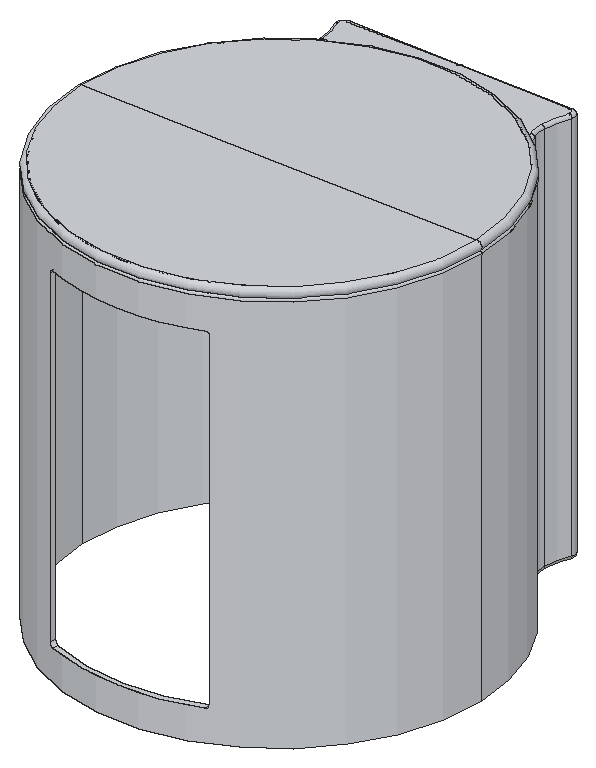
Revit family "Accessory-Tissue_Holder-KOHLER-TOOBI-K-15466T_1", category Specialty Equipment, host Face, Revit 2017
Family settings
  Host = Face
  Round Connector Dimension = Use Diameter
  Part Type = Normal
  OmniClass Number = 23.31.25.00
  Cut with Voids When Loaded = No
  Shared = No
  Room Calculation Point = No
Parameters (values of type "CP-Polished Chrome")
  Width = 5"  # constant formula
  WaterSense Certified = 1 = 0  # no
  URL = "http://www.kohler.com.cn/"
  Type = 1
  Product Page URL = "https://www.kohler.com.cn/product/K-15466T-CP/K-15466T-CP/"
  Product Name = "TOOBI"  # constant formula
  Product Documentation Link = "https://files.kohler.com.cn/pdfs/inst_15466t.pdf"
  Model = if(Type = 1, "K-15466T-CP", "NA")  # "K-15466T-CP"
  Material = "Solid Metal Construction"  # constant formula
  Master Format 2014 Name = "Toilet, Bath, and Laundry Accessories"  # constant formula
  Master Format 2014 = "10 28 00"  # constant formula
  Manufacturer Address = "Kohler Beijing Office (100016) 36-2-03-B, No. 88, Liuxiang Road, Beijing"  # constant formula
  Manufacturer = "KOHLER Co."  # constant formula
  Length = 5 5/64"  # constant formula
  Height = 5 19/64"  # constant formula
  Finish = Kohler-Metal-CP-Polished_Chrome
  Environmental Product Declaration = ""
  Description = "Tissue Tube (with tray)"  # constant formula
  Default Elevation = 42"
  Declare Label = ""
  Date Modified = "09/09/2020"  # constant formula
  Date Created = "09/09/2020"  # constant formula
  Copyright = "Copyright KOHLER Co."  # constant formula
  Contact Us = "http://www.kohler.com.cn/contact/contact-us/"
  Assembly Code = "C1030200"
  ADA Compliant = 1 = 0  # no
Reference planes (in)
  plane 1 "Center (Front/Back)": y = 0
  plane 2: z = 0
  plane 3 "Center (Left/Right)": x = 0
  plane 4: x = -2.5
  plane 5: x = 2.5
  plane 6: y = 2.79646
  plane 7: x = -1.45669
  plane 8: x = 1.45669
  plane 9: y = -2.50042
  plane 10: z = 5.07812
  plane 11: y = 2.05923
Dimensions and locks (in)
  "Height": plane 9 to plane 6
  "Length": level to plane 10
  "Width": plane 4 to plane 5
  locked: plane 7 to plane 8 at 2.91339
  aligned and locked: plane 2 to host face
  aligned and locked: level to host face
Automatic sketch dimensions
  host sketch curve to host sketch curve = 96"  (x2)
Nested families (in)
  nested 1: "K-15466T" at (0, 0, 0), type "K-15466T"
Definition of nested family "K-15466T"
  Parameters (values of type "K-15466T")
    Material = none
  Reference planes (in)
    plane 1 "Center (Front/Back)": y = 0
    plane 2: z = 0
    plane 3 "Center (Left/Right)": x = 0
    plane 4: x = -2.5
    plane 5: x = 2.5
    plane 6: z = 5.07874
    plane 7: y = 2.79646
    plane 8: y = -2.49882
    plane 9: x = -1.45669
    plane 10: x = 1.45669
  Forms (in)
    Revolve 1, solid, material <- "Material", detail levels medium+fine
      sketch origin (0, 0, 0) x (1, 0, 0) y (0, 0, 1)
        loop
          line (0, 5.07874) -> (-2.44017, 5.07874)
          arc (-2.44017, 5.07874) -> (-2.5, 5.01891) -> (-2.44017, 4.95909) r 0.05983
          line (-2.44017, 4.95909) -> (0, 4.95909) -> (0, 5.07874)
        axis (0, 4.95909) -> (0, 5.07874)
      angle from 0 to 360
    Sweep 2, solid, material <- "Material", detail levels medium+fine
      path origin (0, 0, 0) x (1, 0, 0) y (0, 1, 0)
        loop
          circle (0, 0) r 2.43701
      profile origin (0, 2.43701, 0) x (0, -1, 0) y (0, 0, 1)
        loop
          line (0.00118, 4.97528) -> (-0.03044, 4.97528)
          arc (-0.03044, 4.97528) -> (-0.05346, 4.96575) -> (-0.06299, 4.94273) r 0.03255
          line (-0.06299, 4.94273) -> (-0.06299, 0) -> (0.00118, 0) -> (0.00118, 4.97528)
    Extrusion 3, void
      sketch origin (0, 0, 0) x (1, 0, 0) y (0, 0, 1)
        loop
          line (0.93537, 4.56693) -> (-0.93742, 4.56693)
          arc (-0.93742, 4.56693) -> (-0.97054, 4.55321) -> (-0.98425, 4.5201) r 0.04683
          line (-0.98425, 4.5201) -> (-0.98425, 0.44172)
          arc (-0.98425, 0.44172) -> (-0.97019, 0.40776) -> (-0.93624, 0.3937) r 0.04802
          line (-0.93624, 0.3937) -> (0.93814, 0.3937)
          arc (0.93814, 0.3937) -> (0.97075, 0.40721) -> (0.98425, 0.43981) r 0.04611
          line (0.98425, 0.43981) -> (0.98425, 4.51805)
          arc (0.98425, 4.51805) -> (0.96993, 4.55261) -> (0.93537, 4.56693) r 0.04888
      from 1.25155 to 4.22777
    Sweep 4, solid, material <- "Material", detail levels medium+fine
      path origin (0.00363, 0, 0) x (1, 0, 0) y (0, 1, 0)
        loop
          line (1.39621, 1.98948) -> (1.39621, 2.05023)
          arc (1.39621, 2.05023) -> (1.39107, 2.09654) -> (1.37589, 2.14059) r 0.21111
          arc (1.37589, 2.14059) -> (1.34097, 2.24619) -> (1.33279, 2.35712) r 0.45369
          arc (1.33279, 2.35712) -> (1.35694, 2.53353) -> (1.4112, 2.70312) r 1.02699
          arc (1.4112, 2.70312) -> (1.4077, 2.73972) -> (1.37529, 2.75709) r 0.03893
          line (1.37529, 2.75709) -> (-0.00363, 2.75709) -> (-1.38256, 2.75709)
          arc (-1.38256, 2.75709) -> (-1.41497, 2.73972) -> (-1.41847, 2.70312) r 0.03893
          arc (-1.41847, 2.70312) -> (-1.36421, 2.53353) -> (-1.34006, 2.35712) r 1.02699
          arc (-1.34006, 2.35712) -> (-1.34824, 2.24619) -> (-1.38316, 2.14059) r 0.45369
          arc (-1.38316, 2.14059) -> (-1.39834, 2.09654) -> (-1.40348, 2.05023) r 0.21111
          line (-1.40348, 2.05023) -> (-1.40348, 1.98948)
      profile origin (-0.68946, 2.75709, 0) x (0, -1, 0) y (0, 0, 1)
        loop
          arc (-0.01465, 4.94103) -> (-0.04261, 4.92945) -> (-0.0542, 4.90149) r 0.03954
          line (-0.0542, 4.90149) -> (-0.0542, 0.05914)
          arc (-0.0542, 0.05914) -> (-0.04261, 0.03118) -> (-0.01465, 0.0196) r 0.03954
          line (-0.01465, 0.0196) -> (0.01871, 0.0196) -> (0.01871, 4.94103) -> (-0.01465, 4.94103)
    Extrusion 5, solid, material <- "Material", detail levels medium+fine
      sketch origin (0, 0, 0) x (1, 0, 0) y (0, 1, 0)
        loop
          arc (1.39758, 2.71035) -> (1.39576, 2.72936) -> (1.37892, 2.73838) r 0.02022
          line (1.37892, 2.73838) -> (-1.37892, 2.73838)
          arc (-1.37892, 2.73838) -> (-1.39576, 2.72936) -> (-1.39758, 2.71035) r 0.02022
          arc (-1.39758, 2.71035) -> (-1.34233, 2.53767) -> (-1.31774, 2.35804) r 1.0457
          arc (-1.31774, 2.35804) -> (-1.32625, 2.24254) -> (-1.36262, 2.13258) r 0.4724
          arc (-1.36262, 2.13258) -> (-1.37645, 2.09244) -> (-1.38113, 2.05023) r 0.1924
          line (-1.38113, 2.05023) -> (-1.38113, 1.98948) -> (1.38113, 1.98948) -> (1.38113, 2.05023)
          arc (1.38113, 2.05023) -> (1.37645, 2.09244) -> (1.36262, 2.13258) r 0.1924
          arc (1.36262, 2.13258) -> (1.32625, 2.24254) -> (1.31774, 2.35804) r 0.4724
          arc (1.31774, 2.35804) -> (1.34233, 2.53767) -> (1.39758, 2.71035) r 1.0457
      from 0.0196 to 4.94103
    Extrusion 6, solid, material <- "Material", detail levels coarse
      sketch origin (0, 0, 0) x (1, 0, 0) y (0, 1, 0)
        loop
          circle (0, 0) r 2.5
      from 0 to 5.07874
    Extrusion 7, void
      sketch origin (0, 0, 0) x (1, 0, 0) y (0, 1, 0)
        loop
          circle (0, 0) r 2.41098
      from -0.28266 to 5.00037
    Extrusion 8, void
      sketch origin (0, 0, 0) x (1, 0, 0) y (0, 0, 1)
        loop
          line (0.98425, 0.3937) -> (0.98425, 4.56693) -> (-0.98425, 4.56693) -> (-0.98425, 0.3937) -> (0.98425, 0.3937)
      from 1.45567 to 3.87741
    Extrusion 9, solid, material <- "Material", detail levels coarse
      sketch origin (0, 0, 0) x (1, 0, 0) y (0, 1, 0)
        loop
          line (1.45669, 2.79646) -> (-1.45669, 2.79646) -> (-1.45669, 2.03176) -> (1.45669, 2.03176) -> (1.45669, 2.79646)
      from 0.0196 to 4.94103
  Cuts and joins
    Extrusion 3 cuts Sweep 2
    joined: Revolve 1, Sweep 4, Extrusion 5
    Extrusion 7, Extrusion 8 cuts Extrusion 6
    joined: Extrusion 6, Extrusion 9
  Lines and regions (in)
    Masking region 1
      outline origin (0, 0, 0) x (1, 0, 0) y (0, 0, 1)
        loop
          line (0, 5.07874) -> (-2.44502, 5.07874)
          arc (-2.44502, 5.07874) -> (-2.50026, 5.03677) -> (-2.47464, 4.9723) r 0.05734
          arc (-2.47464, 4.9723) -> (-2.49257, 4.96487) -> (-2.5, 4.94694) r 0.02536
          line (-2.5, 4.94694) -> (-2.5, 0) -> (0, 0) -> (2.5, 0) -> (2.5, 4.94694)
          arc (2.5, 4.94694) -> (2.49257, 4.96487) -> (2.47464, 4.9723) r 0.02536
          arc (2.47464, 4.9723) -> (2.50026, 5.03677) -> (2.44502, 5.07874) r 0.05734
          line (2.44502, 5.07874) -> (0, 5.07874)
    Masking region 2
      outline origin (0, 0, 0) x (1, 0, 0) y (0, 1, 0)
        loop
          arc (-1.43369, 2.04806) -> (-2.38434, -0.75162) -> (0, -2.5) r 2.5
          arc (0, -2.5) -> (2.38434, -0.75162) -> (1.43369, 2.04806) r 2.5
          arc (1.43369, 2.04806) -> (1.43142, 2.10389) -> (1.41446, 2.15713) r 0.20932
          arc (1.41446, 2.15713) -> (1.38251, 2.25374) -> (1.37502, 2.35521) r 0.41505
          arc (1.37502, 2.35521) -> (1.39799, 2.52379) -> (1.44954, 2.68593) r 0.98834
          arc (1.44954, 2.68593) -> (1.44227, 2.76043) -> (1.37627, 2.79573) r 0.07935
          line (1.37627, 2.79573) -> (0, 2.79573) -> (-1.37627, 2.79573)
          arc (-1.37627, 2.79573) -> (-1.44227, 2.76043) -> (-1.44954, 2.68593) r 0.07935
          arc (-1.44954, 2.68593) -> (-1.39799, 2.52379) -> (-1.37502, 2.35521) r 0.98834
          arc (-1.37502, 2.35521) -> (-1.38251, 2.25374) -> (-1.41446, 2.15713) r 0.41505
          arc (-1.41446, 2.15713) -> (-1.43142, 2.10389) -> (-1.43369, 2.04806) r 0.20932
    Masking region 3
      outline origin (0, 0, 0) x (0, 1, 0) y (0, 0, 1)
        loop
          arc (-2.44103, 5.07874) -> (-2.49613, 5.03858) -> (-2.47478, 4.97383) r 0.05788
          arc (-2.47478, 4.97383) -> (-2.4917, 4.96754) -> (-2.49882, 4.95094) r 0.02292
          line (-2.49882, 4.95094) -> (-2.49882, 4.56671) -> (-2.31842, 4.56671)
          arc (-2.31842, 4.56671) -> (-2.303, 4.5539) -> (-2.29722, 4.5347) r 0.03478
          line (-2.29722, 4.5347) -> (-2.29722, 0.42985)
          arc (-2.29722, 0.42985) -> (-2.30321, 0.40921) -> (-2.31809, 0.3937) r 0.045
          line (-2.31809, 0.3937) -> (-2.49882, 0.3937) -> (-2.49882, 0) -> (2.48538, 0) -> (2.50976, 0.02046) -> (2.75965, 0.02046)
          arc (2.75965, 0.02046) -> (2.78568, 0.03124) -> (2.79646, 0.05727) r 0.03681
          line (2.79646, 0.05727) -> (2.79646, 4.89741)
          arc (2.79646, 4.89741) -> (2.78368, 4.92825) -> (2.75284, 4.94103) r 0.04362
          line (2.75284, 4.94103) -> (2.5002, 4.94103)
          arc (2.5002, 4.94103) -> (2.4942, 4.96086) -> (2.477, 4.97242) r 0.03086
          arc (2.477, 4.97242) -> (2.49795, 5.03825) -> (2.44198, 5.07874) r 0.05893
          line (2.44198, 5.07874) -> (-2.44103, 5.07874)
    symbolic lines, detail levels medium+fine
      curve 1: line (-2.47464, 0, 4.9723) -> (2.47464, 0, 4.9723)
      curve 2: line (1.41715, 0, 0.0196) -> (1.43692, 0, 0.0249)
      curve 3: arc (1.41715, 0, 0.0196) -> (1.44511, 0, 0.03118) -> (1.45669, 0, 0.05914) r 0.03954
      curve 4: line (1.45669, 0, 0.05914) -> (1.45669, 0, 4.90149)
      curve 5: line (0, 0, 0.0196) -> (1.41715, 0, 0.0196)
      curve 6: arc (1.45669, 0, 4.90149) -> (1.44511, 0, 4.92945) -> (1.41715, 0, 4.94103) r 0.03954
      curve 7: line (1.41715, 0, 4.94103) -> (0, 0, 4.94103)
      curve 8: arc (-1.41715, 0, 0.0196) -> (-1.44511, 0, 0.03118) -> (-1.45669, 0, 0.05914) r 0.03954
      curve 9: line (-1.45669, 0, 0.05914) -> (-1.45669, 0, 4.90149)
      curve 10: line (0, 0, 0.0196) -> (-1.41715, 0, 0.0196)
      curve 11: arc (-1.45669, 0, 4.90149) -> (-1.44511, 0, 4.92945) -> (-1.41715, 0, 4.94103) r 0.03954
      curve 12: line (-1.41715, 0, 4.94103) -> (0, 0, 4.94103)
      curve 13: circle (0, 0, 0) r 2.43583 normal (0, 0, 1)
      curve 14: line (1.35962, 2.72487, 0) -> (-1.35962, 2.72487, 0)
      curve 15: arc (-1.37791, 2.69791, 0) -> (-1.32709, 2.53134, 0) -> (-1.30424, 2.3587, 0) r 1.05921
      curve 16: arc (-1.30424, 2.3587, 0) -> (-1.31721, 2.22079, 0) -> (-1.36857, 2.09213, 0) r 0.48591
      curve 17: arc (1.30424, 2.3587, 0) -> (1.32709, 2.53134, 0) -> (1.37791, 2.69791, 0) r 1.05921
      curve 18: arc (1.36857, 2.09213, 0) -> (1.31721, 2.22079, 0) -> (1.30424, 2.3587, 0) r 0.48591
      curve 19: arc (1.4282, 2.05189, 0) -> (-0.00229, 2.5, 0) -> (-1.43196, 2.04926, 0) r 2.5
      curve 20: arc (-1.35962, 2.72487, 0) -> (-1.37591, 2.71623, 0) -> (-1.37791, 2.69791, 0) r 0.01969
      curve 21: arc (1.37791, 2.69791, 0) -> (1.37591, 2.71623, 0) -> (1.35962, 2.72487, 0) r 0.01969
      curve 22: line (0, 2.477, 4.97242) -> (0, -2.48389, 4.97242)
      curve 23: line (0, 2.72487, 4.94103) -> (0, 2.72487, 0.0196)
      curve 24: line (0, 2.50976, 0.02046) -> (0, 2.05923, 0.02046)
      curve 25: line (0, 2.05923, 0.02046) -> (0, 2.05923, 4.94103)
      curve 26: line (0, 2.05923, 4.94103) -> (0, 2.5002, 4.94103)
      curve 27: line (0, 2.79646, 0.05727) -> (0, 2.05923, 0.05727)
      curve 28: line (0, 2.79646, 4.89741) -> (0, 2.05923, 4.89741)
      curve 29: line (0, 2.46809, 4.94103) -> (0, 2.46809, 0.02046)
  Dimensions and locks (in)
    equal spacing: plane 5, plane 3 "Center (Left/Right)", plane 4
    plane 7 to plane 8 = 5.29528"
    plane 4 to plane 5 = 5"
    aligned and locked: plane 2 to level
  Automatic sketch dimensions
    Revolve 1 sketch curve to plane 6 = 0"  (x2)
    Revolve 1 sketch curve to plane 3 "Center (Left/Right)" = 0"  (x2)
    plane 4 to Revolve 1 sketch curve = 0.05983"
    Revolve 1 sketch curve to plane 6 = 0.05983"
    Revolve 1 sketch curve to Revolve 1 sketch curve = 0"
    plane 1 "Center (Front/Back)" to Sweep 2 sketch curve = 0"
    Sweep 2 sketch curve to plane 3 "Center (Left/Right)" = 0"
    Sweep 2 sketch curve to level = 0"
    profile plane to Sweep 2 sketch curve = 0.06299"
    profile plane to Sweep 2 sketch curve = 0.03044"
    Sweep 2 sketch curve to profile plane = 0.00118"
    level to Sweep 2 sketch curve = 4.94273"
    plane 9 to Extrusion 3 sketch curve = 0.47244"
    Extrusion 3 sketch curve to Extrusion 3 sketch curve = 0.04683"
    Extrusion 3 sketch curve to Extrusion 3 sketch curve = 0.04802"
    plane 10 to Extrusion 3 sketch curve = 0.52132"
    plane 10 to Extrusion 3 sketch curve = 0.51855"
    Extrusion 3 sketch curve to Extrusion 3 sketch curve = 0.04888"
    level to Extrusion 3 sketch curve = 0.3937"
    Extrusion 3 sketch curve to plane 6 = 0.56069"
    Masking region 1 sketch curve to level = 0"
    Masking region 1 sketch curve to plane 4 = 0"
    Masking region 1 sketch curve to plane 6 = 0"
    Masking region 1 sketch curve to plane 3 "Center (Left/Right)" = 0"  (x2)
    plane 5 to Masking region 1 sketch curve = 0"
    Masking region 1 sketch curve to Masking region 1 sketch curve = 0.02536"  (x2)
    plane 4 to Masking region 1 sketch curve = 0.05498"
    plane 5 to Masking region 1 sketch curve = 0.05498"
    Masking region 1 sketch curve to plane 6 = 0.1318"  (x2)
    curve 9 to plane 9 = 0"
    curve 10 to plane 3 "Center (Left/Right)" = 0"
    curve 7 to plane 3 "Center (Left/Right)" = 0"
    plane 10 to curve 4 = 0"
    curve 8 to curve 8 = 0.03954"
    plane 9 to curve 12 = 0.03954"
    level to curve 2 = 0.0196"
    plane 10 to curve 2 = 0.03954"
    curve 6 to curve 4 = 0.03954"
    curve 9 to plane 6 = 0.17725"
    plane 4 to curve 1 = 0.02536"
    plane 10 to curve 2 = 0.01977"
    plane 5 to curve 1 = 0.02536"
    curve 1 to plane 6 = 0.10644"
    Sweep 4 sketch curve to plane 3 "Center (Left/Right)" = 0"
    plane 9 to Sweep 4 sketch curve = 0.26796"
    Sweep 4 sketch curve to plane 7 = 0.03937"
    plane 9 to Sweep 4 sketch curve = 0.07777"
    plane 9 to Sweep 4 sketch curve = 0.05685"
    Sweep 4 sketch curve to plane 9 = 0.33287"
    plane 4 to Sweep 4 sketch curve = 0.13784"
    plane 10 to Sweep 4 sketch curve = 0.26796"
    plane 10 to Sweep 4 sketch curve = 0.07777"
    plane 10 to Sweep 4 sketch curve = 0.05685"
    Sweep 4 sketch curve to plane 10 = 0.33287"
    plane 5 to Sweep 4 sketch curve = 0.13784"
    Sweep 4 sketch curve to Sweep 4 sketch curve = 0.03893"  (x2)
    Sweep 4 sketch curve to plane 7 = 0.46168"  (x2)
    Sweep 4 sketch curve to plane 7 = 0.48991"  (x2)
    Sweep 4 sketch curve to Sweep 4 sketch curve = 0.28454"  (x2)
    plane 9 to Sweep 4 sketch curve = 0.12027"
    Sweep 4 sketch curve to Sweep 4 sketch curve = 0"  (x2)
    plane 10 to Sweep 4 sketch curve = 0.12027"
    Sweep 4 sketch curve to Sweep 4 sketch curve = 0.06076"  (x2)
    Masking region 2 sketch curve to Masking region 2 sketch curve = 0"  (x6)
    Masking region 2 sketch curve to plane 3 "Center (Left/Right)" = 0"  (x2)
    plane 1 "Center (Front/Back)" to Masking region 2 sketch curve = 0"
    plane 9 to Masking region 2 sketch curve = 0.23141"
    Masking region 2 sketch curve to plane 7 = 0.00072"
    plane 9 to Masking region 2 sketch curve = 0.08042"
    Masking region 2 sketch curve to plane 9 = 0.33287"
    plane 4 to Masking region 2 sketch curve = 0.13784"
    plane 10 to Masking region 2 sketch curve = 0.23141"
    plane 10 to Masking region 2 sketch curve = 0.08042"
    Masking region 2 sketch curve to plane 10 = 0.33287"
    plane 5 to Masking region 2 sketch curve = 0.13784"
    Masking region 2 sketch curve to plane 7 = 0.72891"  (x2)
    Masking region 2 sketch curve to plane 7 = 0.48991"  (x2)
    Masking region 2 sketch curve to plane 7 = 0.46168"  (x2)
    Masking region 2 sketch curve to Masking region 2 sketch curve = 0.07935"  (x2)
    plane 9 to Masking region 2 sketch curve = 0.08167"
    plane 9 to Masking region 2 sketch curve = 0.023"
    plane 10 to Masking region 2 sketch curve = 0.08167"
    curve 13 to curve 19 = 0"  (x2)
    plane 1 "Center (Front/Back)" to curve 19 = 0"
    curve 19 to plane 3 "Center (Left/Right)" = 0"
    plane 9 to curve 14 = 0.09707"
    curve 16 to plane 9 = 0.33287"
    plane 4 to curve 15 = 0.13784"
    plane 10 to curve 14 = 0.09707"
    curve 18 to plane 10 = 0.33287"
    plane 5 to curve 17 = 0.13784"
    curve 15 to plane 7 = 0.48991"
    curve 17 to plane 7 = 0.48991"
    curve 18 to plane 7 = 0.46168"
    curve 16 to plane 7 = 0.46168"
    curve 21 to plane 7 = 0.09128"
    curve 20 to plane 7 = 0.09128"
    curve 21 to curve 14 = 0.01969"
    plane 9 to curve 16 = 0.15245"
    curve 15 to curve 16 = 0"
    plane 9 to curve 16 = 0.08812"
    plane 9 to curve 19 = 0.02473"
    curve 18 to curve 21 = 0.07367"
    curve 17 to curve 18 = 0"
    plane 10 to curve 19 = 0.02849"
    Masking region 3 sketch curve to level = 0"
    Masking region 3 sketch curve to plane 6 = 0"
    Masking region 3 sketch curve to plane 7 = 0"
    Masking region 3 sketch curve to plane 7 = 0.03681"
    Masking region 3 sketch curve to plane 7 = 0.04362"
    level to Masking region 3 sketch curve = 0.02046"
    Masking region 3 sketch curve to Masking region 3 sketch curve = 0.24988"
    Masking region 3 sketch curve to Masking region 3 sketch curve = 0.25263"
    Masking region 3 sketch curve to Masking region 3 sketch curve = 0.02438"
    Masking region 3 sketch curve to Masking region 3 sketch curve = 0.03082"
    Masking region 3 sketch curve to Masking region 3 sketch curve = 0.0274"
    plane 8 to Masking region 3 sketch curve = 0.2016"
    Masking region 3 sketch curve to Masking region 3 sketch curve = 0.02087"
    Masking region 3 sketch curve to Masking region 3 sketch curve = 0.0212"
    Masking region 3 sketch curve to Masking region 3 sketch curve = 0.03478"
    Masking region 3 sketch curve to Masking region 3 sketch curve = 0.02409"
    plane 8 to Masking region 3 sketch curve = 0.05779"
    plane 8 to Masking region 3 sketch curve = 0.02292"
    Masking region 3 sketch curve to plane 8 = 0"  (x2)
    level to Masking region 3 sketch curve = 0.3937"
    Masking region 3 sketch curve to Masking region 3 sketch curve = 0.03615"
    Masking region 3 sketch curve to plane 6 = 0.54405"
    Masking region 3 sketch curve to plane 6 = 0.18133"
    Masking region 3 sketch curve to Masking region 3 sketch curve = 0.00149"
    Masking region 3 sketch curve to plane 6 = 0.05893"
    Masking region 3 sketch curve to plane 6 = 0.05788"
    Masking region 3 sketch curve to Masking region 3 sketch curve = 0.00112"
    Extrusion 6 sketch curve to Extrusion 6 sketch curve = 0"  (x2)
    plane 1 "Center (Front/Back)" to Extrusion 6 sketch curve = 0"
    Extrusion 6 sketch curve to plane 4 = 0"
    Extrusion 6 sketch curve to plane 3 "Center (Left/Right)" = 0"
    Extrusion 7 sketch curve to plane 3 "Center (Left/Right)" = 0"
    plane 1 "Center (Front/Back)" to Extrusion 7 sketch curve = 0"
    plane 10 to Extrusion 8 sketch curve = 0.47244"
    Extrusion 8 sketch curve to plane 6 = 0.51181"
    plane 9 to Extrusion 8 sketch curve = 0.47244"
    level to Extrusion 8 sketch curve = 0.3937"
    Extrusion 9 sketch curve to plane 9 = 0"
    Extrusion 9 sketch curve to plane 10 = 0"
    Extrusion 9 sketch curve to plane 7 = 0"
    Extrusion 9 sketch curve to plane 7 = 0.7647"
    curve 28 to plane 7 = 0"
    curve 27 to plane 7 = 0"
    level to curve 24 = 0.02046"
    curve 24 to plane 7 = 0.28669"
    curve 24 to curve 24 = 0.45053"
    curve 26 to plane 6 = 0.13771"
    curve 23 to plane 7 = 0.07159"
    plane 8 to curve 22 = 0.01493"
    level to curve 23 = 0.0196"
    curve 24 to curve 27 = 0.03681"
    curve 28 to plane 6 = 0.18133"
    curve 28 to curve 23 = 0.04362"
    curve 29 to curve 22 = 0.00892"
    curve 29 to curve 22 = 0.03139"
    curve 29 to curve 26 = 0.03212"
    curve 29 to curve 26 = 0"
    curve 29 to curve 23 = 0.25678"
    level to curve 29 = 0.02046"
    profile plane to Sweep 4 sketch curve = 0.0542"
    profile plane to Sweep 4 sketch curve = 0.01465"  (x2)
    Sweep 4 sketch curve to Sweep 4 sketch curve = 4.84234"
    Sweep 4 sketch curve to Sweep 4 sketch curve = 0.03336"
    level to Sweep 4 sketch curve = 0.0196"
    plane 9 to Extrusion 5 sketch curve = 0.07777"
    Extrusion 5 sketch curve to plane 9 = 0.33287"
    plane 4 to Extrusion 5 sketch curve = 0.13784"
    Extrusion 5 sketch curve to plane 10 = 0.33287"
    plane 5 to Extrusion 5 sketch curve = 0.13784"
    Extrusion 5 sketch curve to Extrusion 5 sketch curve = 0.06076"  (x2)
    Extrusion 5 sketch curve to plane 7 = 0.46168"  (x2)
    Extrusion 5 sketch curve to plane 7 = 0.0783"  (x2)
    plane 9 to Extrusion 5 sketch curve = 0.13896"
    Extrusion 5 sketch curve to Extrusion 5 sketch curve = 0"  (x2)
    plane 10 to Extrusion 5 sketch curve = 0.13896"
    plane 10 to Extrusion 5 sketch curve = 0.07556"
    plane 9 to Extrusion 5 sketch curve = 0.07556"
    Extrusion 5 sketch curve to Extrusion 5 sketch curve = 0.1924"  (x2)
    plane 10 to Extrusion 5 sketch curve = 0.07777"
    Extrusion 5 sketch curve to plane 7 = 0.48991"  (x2)
    Extrusion 5 sketch curve to Extrusion 5 sketch curve = 0.3078"
    Extrusion 5 sketch curve to Extrusion 5 sketch curve = 0.02022"
    radius of Sweep 2 sketch curve = 2.43701"
    radius of curve 13 = 2.43583"
    radius of Extrusion 7 sketch curve = 2.41098"
